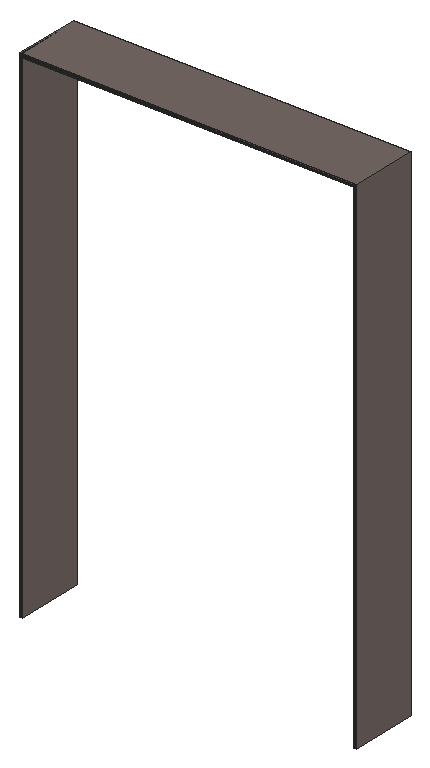
Revit family "АВЛН_Откосы", category Окна, Revit 2021
Family settings
  На основе рабочей плоскости = Да
  Всегда вертикально = Да
  При загрузке вырезать с полостями = Нет
  Общий = Да
  Точка принадлежности помещению = Нет
Parameters (values of type "АВЛН_Откосы_тип 1")
  Ширина_8 [instance] = Ширина_7 - Толщина_7 * 2  # 980 mm
  Ширина_7 [instance] = Ширина_6 - Толщина_6 * 2  # 982 mm
  Ширина_6 [instance] = Ширина_5 - Толщина_5 * 2  # 984 mm
  Ширина_5 [instance] = Ширина_4 - Толщина_4 * 2  # 986 mm
  Ширина_4 [instance] = Ширина_3 - Толщина_3 * 2  # 988 mm
  Ширина_3 [instance] = Ширина_2 - Толщина_2 * 2  # 990 mm
  Ширина_2 [instance] = Width - Толщина_1 * 2  # 996 mm
  Width [instance] = 1000 mm
  Толщина_8 = 1 mm
  Толщина_7 = 1 mm
  Толщина_6 = 1 mm
  Толщина_5 = 1 mm
  Толщина_4 = 1 mm
  Толщина_3 = 1 mm
  Толщина_2 = 3 mm
  Толщина_1 = 2 mm
  Отступ_П [instance] = 0 mm
  Отступ_Л [instance] = 0 mm
  Default Elevation = 1219.2 mm
  Определить тепловые свойства по = Тип схем
  Материал_8 = none
  Материал_7 = none
  Материал_6 = none
  Материал_5 = RAL 8017
  Материал_4 = none
  Материал_3 = none
  Материал_2 = none
  Материал_1 = RAL 8017
  Type Comments = ""
  Количество слоев = 5
  Глубина [instance] = 200 mm
  Высота_8 [instance] = Высота_7 - Толщина_7  # 1490 mm
  Высота_7 [instance] = Высота_6 - Толщина_6  # 1491 mm
  Высота_6 [instance] = Высота_5 - Толщина_5  # 1492 mm
  Высота_5 [instance] = Высота_4 - Толщина_4  # 1493 mm
  Высота_4 [instance] = Высота_3 - Толщина_3  # 1494 mm
  Высота_3 [instance] = Высота_2 - Толщина_2  # 1495 mm
  Высота_2 [instance] = Height - Толщина_1  # 1498 mm
  Высота от уровня [instance] = 377.189 mm
  Height [instance] = 1500 mm
  Видимость_8 = Количество слоев > 7  # no
  Видимость_7 = Количество слоев > 6  # no
  Видимость_6 = Количество слоев > 5  # no
  Видимость_5 = Количество слоев > 4  # yes
  Видимость_4 = Количество слоев > 3  # yes
  Видимость_3 = Количество слоев > 2  # yes
  Видимость_2 = Количество слоев > 1  # yes
  Видимость_1 = Количество слоев > 0  # yes
  Аналитическая конструкция = "<Нет>"
  АВЛН_Помещение [instance] = ""
  ADSK_Этаж [instance] = ""
  ADSK_Номер секции [instance] = ""
  ADSK_Группирование [instance] = ""
Types (11, lengths in mm): name | Ширина_7 | Ширина_6 | Ширина_5 | Ширина_4 | Ширина_3 | Ширина_2 | Толщина_8 | Толщина_7 | Толщина_6 | Толщина_5 | Толщина_4 | Толщина_3 | Толщина_2 | Толщина_1 | Материал_5 | Материал_2 | Материал_1 | Type Comments | Количество слоев | Высота_7 | Высота_6 | Высота_5 | Высота_4 | Высота_3 | Высота_2 | Видимость_5 | Видимость_4 | Видимость_3 | Видимость_2
  АВЛН_Откосы_тип 1 | 982 | 984 | 986 | 988 | 990 | 996 | 1 | 1 | 1 | 1 | 1 | 1 | 3 | 2 | RAL 8017 | none | RAL 8017 | "" | 5 | 1491 | 1492 | 1493 | 1494 | 1495 | 1498 | yes | yes | yes | yes
  АВЛН_АР_АИ1_О-1.1 | 982 | 984 | 986 | 988 | 990 | 996 | 1 | 1 | 1 | 1 | 1 | 1 | 3 | 2 | none | АР0_Откосы дверей_Чистовая_Од-3 | АР_Откосы дверей_Черновая_О-1 (МОП) | "под покраску" | 2 | 1491 | 1492 | 1493 | 1494 | 1495 | 1498 | no | no | no | yes
  АВЛН_АР0_Оп-1.1_2 | 982 | 984 | 986 | 988 | 990 | 996 | 1 | 1 | 1 | 1 | 1 | 1 | 3 | 2 | none | АР0_Откосы дверей_Чистовая_Од-2 | АР0_Откосы дверей_Черновая_Оп-1 | "под покраску" | 2 | 1491 | 1492 | 1493 | 1494 | 1495 | 1498 | no | no | no | yes
  АВЛН_Откосы_Фасад | 980 | 980 | 980 | 980 | 980 | 980 | 0 | 0 | 0 | 0 | 0 | 0 | 0 | 10 | none | none | ADSK_Штукатурка_Шероховатая песочно-желтый, 1002_Откосы | "под покраску" | 1 | 1490 | 1490 | 1490 | 1490 | 1490 | 1490 | no | no | no | no
  АВЛН_АР_АИ2_О-2 | 982 | 984 | 986 | 988 | 990 | 996 | 1 | 1 | 1 | 1 | 1 | 1 | 3 | 2 | none | АР_Откосы дверей_Чистовая_О-2.1 (АИ2) | АР_Откосы дверей_Черновая_О-2 (Квартиры) | "под покраску" | 2 | 1491 | 1492 | 1493 | 1494 | 1495 | 1498 | no | no | no | yes
  АВЛН_АР_АИ1_О-1 | 982 | 984 | 986 | 988 | 990 | 996 | 1 | 1 | 1 | 1 | 1 | 1 | 3 | 2 | none | АР0_Откосы дверей_Чистовая_Од-2 | АР_Откосы дверей_Черновая_О-1 (МОП) | "под покраску" | 2 | 1491 | 1492 | 1493 | 1494 | 1495 | 1498 | no | no | no | yes
  АВЛН_АР0_Оп-1 | 982 | 984 | 986 | 988 | 990 | 996 | 1 | 1 | 1 | 1 | 1 | 1 | 3 | 2 | none | none | АР0_Откосы дверей_Черновая_Оп-1 | "под покраску" | 2 | 1491 | 1492 | 1493 | 1494 | 1495 | 1498 | no | no | no | yes
  АВЛН_АР0_Оп-2 | 982 | 984 | 986 | 988 | 990 | 996 | 1 | 1 | 1 | 1 | 1 | 1 | 3 | 2 | none | none | АР0_Откосы дверей_Черновая_Оп-2 | "под покраску" | 2 | 1491 | 1492 | 1493 | 1494 | 1495 | 1498 | no | no | no | yes
  АВЛН_АР0_Оп-1.1 | 982 | 984 | 986 | 988 | 990 | 996 | 1 | 1 | 1 | 1 | 1 | 1 | 3 | 2 | none | АР0_Откосы дверей_Чистовая_Од-1 | АР0_Откосы дверей_Черновая_Оп-1 | "под покраску" | 2 | 1491 | 1492 | 1493 | 1494 | 1495 | 1498 | no | no | no | yes
  АВЛН_АР0_Оп-2.1 | 982 | 984 | 986 | 988 | 990 | 996 | 1 | 1 | 1 | 1 | 1 | 1 | 3 | 2 | none | АР0_Откосы дверей_Чистовая_Од-1 | АР0_Откосы дверей_Черновая_Оп-2 | "под покраску" | 2 | 1491 | 1492 | 1493 | 1494 | 1495 | 1498 | no | no | no | yes
  АВЛН_Откосы_тип 2 | 982 | 984 | 986 | 988 | 990 | 996 | 1 | 1 | 1 | 1 | 1 | 1 | 3 | 2 | RAL 8017 | none | RAL 8017 | "" | 5 | 1491 | 1492 | 1493 | 1494 | 1495 | 1498 | yes | yes | yes | yes
Reference planes
  plane 1 "По центру (Вперед/Назад)": y = 0
  plane 2: z = 0
  plane 3 "По центру (Влево/Вправо)": x = 0
  plane 4: y = 200
  plane 5: z = 377.189
Dimensions and locks
  "Глубина": plane 4 to plane 1 "По центру (Вперед/Назад)"
  "Высота от уровня": plane 5 to level
  aligned and locked: level to plane 2
  aligned and locked: plane 3 "По центру (Влево/Вправо)" to nested 1
  aligned and locked: nested 1 to plane 1 "По центру (Вперед/Назад)"
  aligned and locked: plane 3 "По центру (Влево/Вправо)" to nested 2
  aligned and locked: nested 2 to plane 1 "По центру (Вперед/Назад)"
  aligned and locked: plane 3 "По центру (Влево/Вправо)" to nested 3
  aligned and locked: nested 3 to plane 1 "По центру (Вперед/Назад)"
  aligned and locked: plane 3 "По центру (Влево/Вправо)" to nested 4
  aligned and locked: nested 4 to plane 1 "По центру (Вперед/Назад)"
  aligned and locked: plane 3 "По центру (Влево/Вправо)" to nested 5
  aligned and locked: nested 5 to plane 1 "По центру (Вперед/Назад)"
  aligned and locked: plane 3 "По центру (Влево/Вправо)" to nested 6
  aligned and locked: nested 6 to plane 1 "По центру (Вперед/Назад)"
  aligned and locked: plane 3 "По центру (Влево/Вправо)" to nested 7
  aligned and locked: nested 7 to plane 1 "По центру (Вперед/Назад)"
  aligned and locked: plane 3 "По центру (Влево/Вправо)" to nested 8
  aligned and locked: nested 8 to plane 1 "По центру (Вперед/Назад)"
Nested families
  nested 1: "Откос_R2" at (0, 100, 377.189), ADSK_Размер_Глубина <- "Глубина", built-in parameter 1001364 <- "Высота от уровня", ADSK_Группирование <- "ADSK_Группирование", ADSK_Номер секции <- "ADSK_Номер секции", ADSK_Этаж <- "ADSK_Этаж", visible <- "Видимость_1", Видимость <- "Видимость_1", Материал <- "Материал_1", ADSK_Размер_Высота <- "Height", ADSK_Размер_Толщина <- "Толщина_1", ADSK_Размер_Ширина <- "Width", Отступ_Л <- "Отступ_Л", Отступ_П <- "Отступ_П", АВЛН_Помещение <- "АВЛН_Помещение", type "Откос_R19 2"
    with Площадь 0.80 m², Отступ_П 0 mm, Отступ_Л 0 mm, Материал RAL 8017, Видимость yes, АВЛН_Помещение "", ADSK_Этаж "", ADSK_Размер_Ширина 1000 mm, ADSK_Размер_Толщина 2 mm, ADSK_Размер_Глубина 200 mm, ADSK_Размер_Высота 1500 mm, ADSK_Площадь проемов 0.80 m², ADSK_Номер секции "", ADSK_Группирование ""
  nested 2: "Откос_R2" at (0, 100, 377.189), ADSK_Размер_Глубина <- "Глубина", built-in parameter 1001364 <- "Высота от уровня", ADSK_Группирование <- "ADSK_Группирование", ADSK_Номер секции <- "ADSK_Номер секции", ADSK_Этаж <- "ADSK_Этаж", visible <- "Видимость_2", Видимость <- "Видимость_2", Материал <- "Материал_2", ADSK_Размер_Высота <- "Высота_2", ADSK_Размер_Толщина <- "Толщина_2", ADSK_Размер_Ширина <- "Ширина_2", Отступ_Л <- "Отступ_Л", Отступ_П <- "Отступ_П", АВЛН_Помещение <- "АВЛН_Помещение", type "Откос_R19 2"
    with Площадь 0.7984 m², Отступ_П 0 mm, Отступ_Л 0 mm, Материал none, Видимость yes, АВЛН_Помещение "", ADSK_Этаж "", ADSK_Размер_Ширина 996 mm, ADSK_Размер_Толщина 3 mm, ADSK_Размер_Глубина 200 mm, ADSK_Размер_Высота 1498 mm, ADSK_Площадь проемов 0.7984 m², ADSK_Номер секции "", ADSK_Группирование ""
  nested 3: "Откос_R2" at (0, 100, 377.189), ADSK_Размер_Глубина <- "Глубина", built-in parameter 1001364 <- "Высота от уровня", ADSK_Группирование <- "ADSK_Группирование", ADSK_Номер секции <- "ADSK_Номер секции", ADSK_Этаж <- "ADSK_Этаж", visible <- "Видимость_3", Видимость <- "Видимость_3", Материал <- "Материал_3", ADSK_Размер_Высота <- "Высота_3", ADSK_Размер_Толщина <- "Толщина_3", ADSK_Размер_Ширина <- "Ширина_3", Отступ_Л <- "Отступ_Л", Отступ_П <- "Отступ_П", АВЛН_Помещение <- "АВЛН_Помещение", type "Откос_R19 2"
    with Площадь 0.796 m², Отступ_П 0 mm, Отступ_Л 0 mm, Материал none, Видимость yes, АВЛН_Помещение "", ADSK_Этаж "", ADSK_Размер_Ширина 990 mm, ADSK_Размер_Толщина 1 mm, ADSK_Размер_Глубина 200 mm, ADSK_Размер_Высота 1495 mm, ADSK_Площадь проемов 0.796 m², ADSK_Номер секции "", ADSK_Группирование ""
  nested 4: "Откос_R2" at (0, 100, 377.189), ADSK_Размер_Глубина <- "Глубина", built-in parameter 1001364 <- "Высота от уровня", ADSK_Группирование <- "ADSK_Группирование", ADSK_Номер секции <- "ADSK_Номер секции", ADSK_Этаж <- "ADSK_Этаж", visible <- "Видимость_4", Видимость <- "Видимость_4", Материал <- "Материал_4", ADSK_Размер_Высота <- "Высота_4", ADSK_Размер_Толщина <- "Толщина_4", ADSK_Размер_Ширина <- "Ширина_4", Отступ_Л <- "Отступ_Л", Отступ_П <- "Отступ_П", АВЛН_Помещение <- "АВЛН_Помещение", type "Откос_R19 2"
    with Площадь 0.7952 m², Отступ_П 0 mm, Отступ_Л 0 mm, Материал none, Видимость yes, АВЛН_Помещение "", ADSK_Этаж "", ADSK_Размер_Ширина 988 mm, ADSK_Размер_Толщина 1 mm, ADSK_Размер_Глубина 200 mm, ADSK_Размер_Высота 1494 mm, ADSK_Площадь проемов 0.7952 m², ADSK_Номер секции "", ADSK_Группирование ""
  nested 5: "Откос_R2" at (0, 100, 377.189), ADSK_Размер_Глубина <- "Глубина", built-in parameter 1001364 <- "Высота от уровня", ADSK_Группирование <- "ADSK_Группирование", ADSK_Номер секции <- "ADSK_Номер секции", ADSK_Этаж <- "ADSK_Этаж", visible <- "Видимость_5", Видимость <- "Видимость_5", Материал <- "Материал_5", ADSK_Размер_Высота <- "Высота_5", ADSK_Размер_Толщина <- "Толщина_5", ADSK_Размер_Ширина <- "Ширина_5", Отступ_Л <- "Отступ_Л", Отступ_П <- "Отступ_П", АВЛН_Помещение <- "АВЛН_Помещение", type "Откос_R19 2"
    with Площадь 0.7944 m², Отступ_П 0 mm, Отступ_Л 0 mm, Материал RAL 8017, Видимость yes, АВЛН_Помещение "", ADSK_Этаж "", ADSK_Размер_Ширина 986 mm, ADSK_Размер_Толщина 1 mm, ADSK_Размер_Глубина 200 mm, ADSK_Размер_Высота 1493 mm, ADSK_Площадь проемов 0.7944 m², ADSK_Номер секции "", ADSK_Группирование ""
  nested 6: "Откос_R2" at (0, 100, 377.189), ADSK_Размер_Глубина <- "Глубина", built-in parameter 1001364 <- "Высота от уровня", ADSK_Группирование <- "Type Comments", ADSK_Номер секции <- "ADSK_Номер секции", ADSK_Этаж <- "ADSK_Этаж", visible <- "Видимость_6", Видимость <- "Видимость_6", Материал <- "Материал_6", ADSK_Размер_Высота <- "Высота_6", ADSK_Размер_Толщина <- "Толщина_6", ADSK_Размер_Ширина <- "Ширина_6", Отступ_Л <- "Отступ_Л", Отступ_П <- "Отступ_П", АВЛН_Помещение <- "АВЛН_Помещение", type "Откос_R19 2"
    with Площадь 0.7936 m², Отступ_П 0 mm, Отступ_Л 0 mm, Материал none, Видимость no, АВЛН_Помещение "", ADSK_Этаж "", ADSK_Размер_Ширина 984 mm, ADSK_Размер_Толщина 1 mm, ADSK_Размер_Глубина 200 mm, ADSK_Размер_Высота 1492 mm, ADSK_Площадь проемов 0.7936 m², ADSK_Номер секции "", ADSK_Группирование ""
  nested 7: "Откос_R2" at (0, 100, 377.189), ADSK_Размер_Глубина <- "Глубина", built-in parameter 1001364 <- "Высота от уровня", ADSK_Группирование <- "Type Comments", ADSK_Номер секции <- "ADSK_Номер секции", ADSK_Этаж <- "ADSK_Этаж", visible <- "Видимость_7", Видимость <- "Видимость_7", Материал <- "Материал_7", ADSK_Размер_Высота <- "Высота_7", ADSK_Размер_Толщина <- "Толщина_7", ADSK_Размер_Ширина <- "Ширина_7", Отступ_Л <- "Отступ_Л", Отступ_П <- "Отступ_П", АВЛН_Помещение <- "АВЛН_Помещение", type "Откос_R19 2"
    with Площадь 0.7928 m², Отступ_П 0 mm, Отступ_Л 0 mm, Материал none, Видимость no, АВЛН_Помещение "", ADSK_Этаж "", ADSK_Размер_Ширина 982 mm, ADSK_Размер_Толщина 1 mm, ADSK_Размер_Глубина 200 mm, ADSK_Размер_Высота 1491 mm, ADSK_Площадь проемов 0.7928 m², ADSK_Номер секции "", ADSK_Группирование ""
  nested 8: "Откос_R2" at (0, 100, 377.189), ADSK_Размер_Глубина <- "Глубина", built-in parameter 1001364 <- "Высота от уровня", ADSK_Группирование <- "Type Comments", ADSK_Номер секции <- "ADSK_Номер секции", ADSK_Этаж <- "ADSK_Этаж", visible <- "Видимость_8", Видимость <- "Видимость_8", Материал <- "Материал_8", ADSK_Размер_Высота <- "Высота_8", ADSK_Размер_Толщина <- "Толщина_8", ADSK_Размер_Ширина <- "Ширина_8", Отступ_Л <- "Отступ_Л", Отступ_П <- "Отступ_П", АВЛН_Помещение <- "АВЛН_Помещение", type "Откос_R19 2"
    with Площадь 0.792 m², Отступ_П 0 mm, Отступ_Л 0 mm, Материал none, Видимость no, АВЛН_Помещение "", ADSK_Этаж "", ADSK_Размер_Ширина 980 mm, ADSK_Размер_Толщина 1 mm, ADSK_Размер_Глубина 200 mm, ADSK_Размер_Высота 1490 mm, ADSK_Площадь проемов 0.792 m², ADSK_Номер секции "", ADSK_Группирование ""
Definition of nested family "Откос_R2"
  Parameters (values of type "Откос_R19 2")
    Площадь [instance] = (ADSK_Размер_Ширина + 2 * ADSK_Размер_Высота) * ADSK_Размер_Глубина  # 1.04844 m²
    Отступ_П [instance] = 0 mm
    Отступ_Л [instance] = 0 mm
    Материал [instance] = none
    Model = "Внутренний слой откоса"  # constant formula
    Видимость [instance] = yes
    АВЛН_Помещение [instance] = ""
    ADSK_Этаж [instance] = ""
    ADSK_Размер_Ширина [instance] = 1880 mm
    ADSK_Размер_Толщина [instance] = 100 mm
    ADSK_Размер_Глубина [instance] = 200 mm
    ADSK_Размер_Высота [instance] = 1681.106 mm
    ADSK_Примечание = "Мокрый фасад"
    ADSK_Площадь проемов [instance] = (ADSK_Размер_Ширина + 2 * ADSK_Размер_Высота) * ADSK_Размер_Глубина  # 1.04844 m²
    ADSK_Обозначение = ""
    ADSK_Номер секции [instance] = ""
    ADSK_Наименование = ""
    ADSK_Марка = ""
    ADSK_Группирование [instance] = ""
  Reference planes
    plane 1 "По центру (Вперед/Назад)": y = 0
    plane 2: z = 0
    plane 3 "По центру (Влево/Вправо)": x = 0
    plane 4: x = -940
    plane 5: x = 940
    plane 6: y = 100
    plane 7: y = -100
    plane 8: x = -840
    plane 9: z = 1681.106
    plane 10: z = 0
    plane 11: z = 0
  Forms (mm)
    Sweep 1, solid, material <- "Материал", visible <- "Видимость"
      path origin (0, 0, 0) x (1, 0, 0) y (0, 0, 1)
        loop
          line (940, 0) -> (940, 1681.106) -> (-940, 1681.106) -> (-940, 0)
      profile origin (-940, 0, 840.553) x (0, -1, 0) y (1, 0, 0)
        loop
          line (-100, 0) -> (100, 0) -> (100, 100) -> (-100, 100) -> (-100, 0)
  Dimensions and locks
    equal spacing: plane 6, plane 1 "По центру (Вперед/Назад)", plane 7
    equal spacing: plane 4, plane 3 "По центру (Влево/Вправо)", plane 5
    "ADSK_Размер_Толщина": plane 4 to plane 8
    "ADSK_Размер_Глубина": plane 6 to plane 7
    "ADSK_Размер_Высота": plane 9 to level
    "ADSK_Размер_Ширина": plane 5 to plane 4
    "Отступ_Л": plane 10 to level
    "Отступ_П": plane 11 to level
    aligned and locked: level to plane 2
    aligned and locked: Sweep 1 sketch curve to plane 4
    aligned and locked: Sweep 1 sketch curve to plane 9
    aligned and locked: Sweep 1 sketch curve to plane 5
    aligned and locked: plane 6 to Sweep 1 sketch curve
    aligned and locked: profile plane to Sweep 1 sketch curve
    aligned and locked: Sweep 1 sketch curve to plane 7
    aligned and locked: plane 8 to Sweep 1 sketch curve
    aligned and locked: plane 10 to Sweep 1 sketch curve
    aligned and locked: plane 11 to Sweep 1 sketch curve
